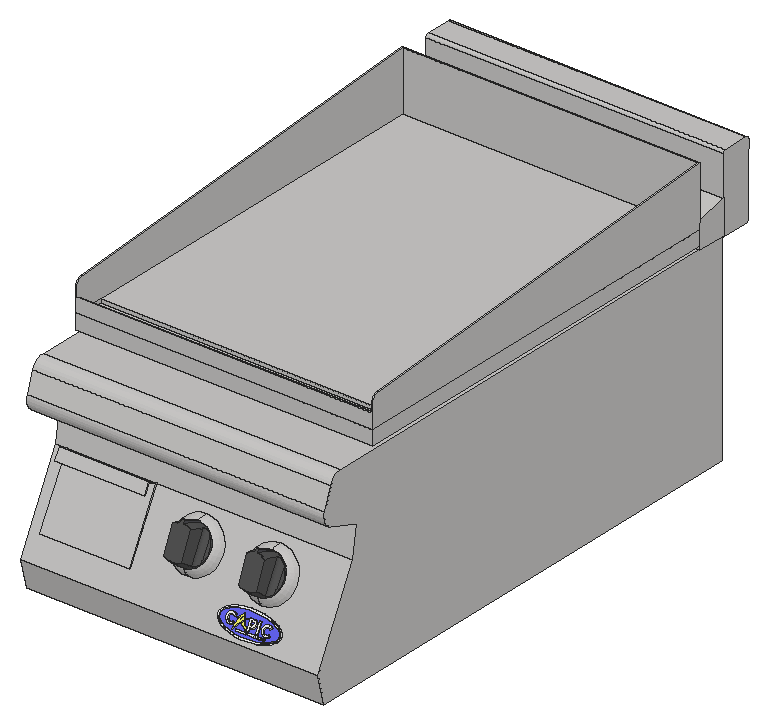
Revit family "QF_CAPIC_AVEN_W540916", category Equipement spécialisé, Revit 2018
Family settings
  Cote de connecteur circulaire = Utiliser le diamètre
  Type d'élément = Normal
  Numéro OmniClass = 23.40.40.14
  Titre OmniClass = Food Service Equipment
  Basée sur le plan de construction = Non
  Toujours verticalement = Oui
  Couper avec des vides une fois chargée = Non
  Partagée = Non
  Point de calcul de pièce = Non
Parameters (values of type "400 x 725 x 270 mm")
  rainures [instance] = if([rainurage X050973 (option)], 528 mm, 5 mm)  # 5 mm
  rainurage X050973 (option) [instance] = no
  URL catalogue = "http://www.capic-fr.com/fr/"
  Type de Raccord Plomberie [instance] = ""
  Type de Raccord Electrique [instance] = "Bornier interne"
  Type de Gaz = ""
  Type article [instance] = ""
  Tension = 400 V
  Spécification du Fabricant = ""
  Show Logo = yes
  Remarques evacuation [instance] = ""
  Remarques Plomberie [instance] = ""
  Remarques Electricité [instance] = "400Vx3 +T+N"
  Puissance électrique  = 5000 W
  Puissance Gaz kW = 0
  Profondeur hors tout = 725 mm
  Pression Maximum Eau Adoucie = 0.0 Pa
  Poids net à vide = 40.00 kg
  Phase = 0
  Modèle = "W540916"
  Longueur hors tout = 400 mm
  Intensité nominale = 0 A
  Hauteur hors tout = 390 mm
  Hauteur de Raccordement du Sol Finis = 703 mm
  Hauteur de Raccordement Gaz du Sol Finis = 0 mm
  Hauteur de Raccordement Evacuation Directe du Sol Finis = 0 mm
  Hauteur de Raccordement Eau Froide du Sol Finis = 0 mm
  Hauteur de Raccordement Eau Chaude du Sol Finis = 0 mm
  Hauteur de Raccordement Eau Adoucie du Sol Finis = 0 mm
  Fréquence = 50 Hz
  Fabricant = "CAPIC"
  Débit d'air d'extraction = 0.0 m³/h
  Débit Gaz = 0.0 L/s
  Débit Eau Froide = 0.0 L/s
  Débit Eau Chaude = 0.0 L/s
  Débit Eau Adoucie = 0.0 L/s
  Diamètre de Raccordement Gaz = 0 mm
  Diamètre de Raccordement Evacuation = 0 mm
  Diamètre de Raccordement Eau Froide = 0 mm
  Diamètre de Raccordement Eau Chaude = 0 mm
  Diamètre de Raccordement Eau Adoucie = 0 mm
  Description = "Grill inox"
  Assembly Code = ""
  Classification  Omniclass nombre et titre = "23.40.40.14"
Reference planes
  plane 1 "Centre (avant/arrière)": y = 0
  plane 2: z = 0
  plane 3 "Centre (gauche/droite)": x = 0
  plane 4: x = 400
  plane 5: y = -606.53
  plane 6: y = -611.53
Forms (mm)
  Extrusion 1, solid, material "QF_Stainless Steel-Brushed"
    sketch origin (0, -45.05, 638) x (0, 1, 0) y (0, 0, 1)
      loop
        line (1.05, 270.397) -> (-641.347, 270.397)
        arc (-641.347, 270.397) -> (-651.671, 267.142) -> (-658.261, 258.553) r 18
        line (-658.261, 258.553) -> (-667.837, 232.245)
        arc (-667.837, 232.245) -> (-667.236, 218.482) -> (-657.078, 209.174) r 18
        line (-657.078, 209.174) -> (-613.251, 193.222) -> (-619.754, 152.161) -> (-680.074, 38.717) -> (-668.972, 0) -> (0, 0) -> (0, 268.397) -> (42.05, 268.397) -> (44.05, 270.397) -> (44.05, 356.397) -> (45.05, 356.397) -> (45.05, 368.397)
        arc (45.05, 368.397) -> (43.878, 371.225) -> (41.05, 372.397) r 4
        line (41.05, 372.397) -> (7.05, 372.397)
        arc (7.05, 372.397) -> (4.222, 371.225) -> (3.05, 368.397) r 4
        line (3.05, 368.397) -> (3.05, 272.397)
        arc (3.05, 272.397) -> (2.464, 270.983) -> (1.05, 270.397) r 2
    from 0 to 400
  Extrusion 2, solid, material "QF_Stainless Steel-Brushed"
    sketch origin (0, 0, 0) x (0, 1, 0) y (0, 0, 1)
      loop
        line (-664.804, 790.161) -> (-678.048, 797.204) -> (-685.091, 783.959) -> (-684.208, 783.49) -> (-677.635, 795.851) -> (-666.157, 789.748) -> (-710.287, 706.751) -> (-709.404, 706.281) -> (-664.804, 790.161)
    from 15 to 135
  Extrusion 3, solid, material "QF_Stainless Steel-Brushed"
    sketch origin (0, 0, 0) x (0, 1, 0) y (0, 0, 1)
      loop
        line (-82, 933.397) -> (-632, 933.397) -> (-632, 913.397) -> (-82, 913.397) -> (-82, 933.397)
    from 0 to 400
  Extrusion 4, solid, material "QF_Stainless Steel-Brushed"
    sketch origin (0, 0, 0) x (0, 1, 0) y (0, 0, 1)
      loop
        line (-42, 953.397) -> (-79.728, 943.965)
        arc (-79.728, 943.965) -> (-81.365, 942.901) -> (-82, 941.055) r 3
        line (-82, 941.055) -> (-82, 908.397) -> (-42, 908.397) -> (-42, 953.397)
    from 0 to 400
  Extrusion 5, void
    sketch origin (0, 0, 0) x (1, 0, 0) y (0, 1, 0)
      loop
        line (1.5, -592) -> (1.5, -630.5) -> (398.5, -630.5) -> (398.5, -592) -> (1.5, -592)
    from 928.4 to 933.397
  Extrusion 6, solid, material "QF_Stainless Steel-Brushed"
    sketch origin (0, 0, 0) x (1, 0, 0) y (0, 1, 0)
      loop
        line (0, -82) -> (0, -632) -> (1.5, -632) -> (1.5, -83.5) -> (398.5, -83.5) -> (398.5, -632) -> (400, -632) -> (400, -82) -> (0, -82)
    from 933.397 to 1013.4
  Extrusion 7, void
    sketch origin (0, 0, 0) x (0, 1, 0) y (0, 0, 1)
      loop
        line (-83.5, 1013.4) -> (-632, 1013.4) -> (-632, 964.101)
        arc (-632, 964.101) -> (-629.324, 970.91) -> (-622.727, 974.075) r 10
        line (-622.727, 974.075) -> (-83.5, 1013.4)
    from 0 to 400
  Extrusion 8, solid, material "QF_Stainless Steel-Brushed"
    sketch origin (0, 0, 0) x (1, 0, 0) y (0, 1, 0)
      loop
        line (1.5, -630.5) -> (1.5, -632) -> (398.5, -632) -> (398.5, -630.5) -> (1.5, -630.5)
    from 933.397 to 953.4
  Extrusion 9, void
    sketch origin (0, 0, 0) x (1, 0, 0) y (0, 0, 1)
      loop
        circle (12.5, 933.397) r 4
      loop
        circle (25.5, 933.397) r 4
      loop
        circle (38.5, 933.397) r 4
      loop
        circle (51.5, 933.397) r 4
      loop
        circle (64.5, 933.397) r 4
      loop
        circle (77.5, 933.397) r 4
      loop
        circle (90.5, 933.397) r 4
      loop
        circle (103.5, 933.397) r 4
      loop
        circle (116.5, 933.397) r 4
      loop
        circle (129.5, 933.397) r 4
      loop
        circle (142.5, 933.397) r 4
      loop
        circle (155.5, 933.397) r 4
      loop
        circle (168.5, 933.397) r 4
      loop
        circle (181.5, 933.397) r 4
      loop
        circle (194.5, 933.397) r 4
      loop
        circle (207.5, 933.397) r 4
      loop
        circle (220.5, 933.397) r 4
      loop
        circle (233.5, 933.397) r 4
      loop
        circle (246.5, 933.397) r 4
      loop
        circle (259.5, 933.397) r 4
      loop
        circle (272.5, 933.397) r 4
      loop
        circle (285.5, 933.397) r 4
      loop
        circle (298.5, 933.397) r 4
      loop
        circle (311.5, 933.397) r 4
      loop
        circle (324.5, 933.397) r 4
      loop
        circle (337.5, 933.397) r 4
      loop
        circle (350.5, 933.397) r 4
      loop
        circle (363.5, 933.397) r 4
      loop
        circle (376.5, 933.397) r 4
      loop
        circle (389.5, 933.397) r 4
    from 606.53 to 611.53
Cuts and joins
  Extrusion 5, Extrusion 9 cuts Extrusion 3
  Extrusion 7 cuts Extrusion 6
  Extrusion 9 cuts Extrusion 8
  joined: Extrusion 6, Extrusion 8
Dimensions and locks
  "Longueur hors tout": plane 3 "Centre (gauche/droite)" to plane 4
  locked: plane 6 to plane 1 "Centre (avant/arrière)" at 611.53
  "rainures": plane 5 to plane 6
  aligned and locked: level to plane 2
  aligned and locked: plane 4 to Extrusion 1
  aligned and locked: Extrusion 1 to plane 3 "Centre (gauche/droite)"
  aligned and locked: Extrusion 3 to Extrusion 5
  aligned and locked: plane 5 to Extrusion 9
  aligned and locked: plane 6 to Extrusion 9
Automatic sketch dimensions
  Extrusion 1 sketch curve to plane 1 "Centre (avant/arrière)" = 0 mm
  Extrusion 1 sketch curve to Extrusion 1 sketch curve = 1 mm
  Extrusion 1 sketch curve to Extrusion 1 sketch curve = 2 mm  (x3)
  Extrusion 1 sketch curve to Extrusion 1 sketch curve = 4 mm  (x2)
  Extrusion 1 sketch curve to Extrusion 1 sketch curve = 34 mm
  Extrusion 1 sketch curve to Extrusion 1 sketch curve = 39 mm
  plane 1 "Centre (avant/arrière)" to Extrusion 1 sketch curve = 45.05 mm
  Extrusion 1 sketch curve to Extrusion 1 sketch curve = 613.251 mm
  Extrusion 1 sketch curve to Extrusion 1 sketch curve = 6.503 mm
  Extrusion 1 sketch curve to Extrusion 1 sketch curve = 28.096 mm
  Extrusion 1 sketch curve to Extrusion 1 sketch curve = 9.575 mm
  Extrusion 1 sketch curve to Extrusion 1 sketch curve = 6.156 mm  (x2)
  Extrusion 1 sketch curve to Extrusion 1 sketch curve = 16.914 mm  (x3)
  Extrusion 1 sketch curve to Extrusion 1 sketch curve = 49.218 mm
  Extrusion 1 sketch curve to Extrusion 1 sketch curve = 11.102 mm
  level to Extrusion 1 sketch curve = 638 mm
  Extrusion 1 sketch curve to Extrusion 1 sketch curve = 38.717 mm
  Extrusion 1 sketch curve to Extrusion 1 sketch curve = 113.445 mm
  Extrusion 1 sketch curve to Extrusion 1 sketch curve = 41.061 mm
  Extrusion 1 sketch curve to Extrusion 1 sketch curve = 15.952 mm
  Extrusion 1 sketch curve to Extrusion 1 sketch curve = 26.308 mm
  Extrusion 1 sketch curve to Extrusion 1 sketch curve = 86 mm
  Extrusion 1 sketch curve to Extrusion 1 sketch curve = 12 mm
  plane 1 "Centre (avant/arrière)" to Extrusion 2 sketch curve = 710.287 mm
  Extrusion 2 sketch curve to Extrusion 2 sketch curve = 0.883 mm  (x2)
  Extrusion 2 sketch curve to Extrusion 2 sketch curve = 25.196 mm
  Extrusion 2 sketch curve to Extrusion 2 sketch curve = 7.042 mm
  Extrusion 2 sketch curve to Extrusion 2 sketch curve = 0.413 mm
  Extrusion 2 sketch curve to Extrusion 2 sketch curve = 11.478 mm
  level to Extrusion 2 sketch curve = 706.281 mm
  Extrusion 2 sketch curve to Extrusion 2 sketch curve = 0.469 mm
  plane 1 "Centre (avant/arrière)" to Extrusion 3 sketch curve = 632 mm
  plane 1 "Centre (avant/arrière)" to Extrusion 3 sketch curve = 82 mm
  level to Extrusion 3 sketch curve = 913.397 mm
  Extrusion 3 sketch curve to Extrusion 3 sketch curve = 20 mm
  plane 1 "Centre (avant/arrière)" to Extrusion 4 sketch curve = 82 mm
  Extrusion 4 sketch curve to Extrusion 4 sketch curve = 2.272 mm
  Extrusion 4 sketch curve to Extrusion 4 sketch curve = 0.728 mm
  Extrusion 4 sketch curve to Extrusion 4 sketch curve = 40 mm
  level to Extrusion 4 sketch curve = 908.397 mm
  Extrusion 4 sketch curve to Extrusion 4 sketch curve = 32.658 mm
  Extrusion 4 sketch curve to Extrusion 4 sketch curve = 9.432 mm
  plane 3 "Centre (gauche/droite)" to Extrusion 5 sketch curve = 1.5 mm
  Extrusion 5 sketch curve to plane 4 = 1.5 mm
  plane 1 "Centre (avant/arrière)" to Extrusion 5 sketch curve = 630.5 mm
  Extrusion 5 sketch curve to Extrusion 5 sketch curve = 38.5 mm
  Extrusion 6 sketch curve to plane 3 "Centre (gauche/droite)" = 0 mm
  Extrusion 6 sketch curve to plane 4 = 0 mm
  plane 3 "Centre (gauche/droite)" to Extrusion 6 sketch curve = 1.5 mm
  Extrusion 6 sketch curve to plane 4 = 1.5 mm
  plane 1 "Centre (avant/arrière)" to Extrusion 6 sketch curve = 632 mm
  Extrusion 6 sketch curve to Extrusion 6 sketch curve = 0 mm
  plane 1 "Centre (avant/arrière)" to Extrusion 6 sketch curve = 83.5 mm
  Extrusion 6 sketch curve to Extrusion 6 sketch curve = 1.5 mm
  plane 1 "Centre (avant/arrière)" to Extrusion 7 sketch curve = 632 mm
  Extrusion 7 sketch curve to Extrusion 7 sketch curve = 9.273 mm
  Extrusion 7 sketch curve to Extrusion 7 sketch curve = 0.727 mm
  plane 1 "Centre (avant/arrière)" to Extrusion 7 sketch curve = 83.5 mm
  level to Extrusion 7 sketch curve = 964.101 mm
  Extrusion 7 sketch curve to Extrusion 7 sketch curve = 39.325 mm
  plane 3 "Centre (gauche/droite)" to Extrusion 8 sketch curve = 1.5 mm
  Extrusion 8 sketch curve to plane 4 = 1.5 mm
  plane 1 "Centre (avant/arrière)" to Extrusion 8 sketch curve = 632 mm
  Extrusion 8 sketch curve to Extrusion 8 sketch curve = 1.5 mm
  plane 3 "Centre (gauche/droite)" to Extrusion 9 sketch curve = 12.5 mm
  Extrusion 9 sketch curve to Extrusion 9 sketch curve = 13 mm  (x28)
  Extrusion 9 sketch curve to plane 4 = 10.5 mm
  level to Extrusion 9 sketch curve = 933.397 mm
  Extrusion 9 sketch curve to Extrusion 9 sketch curve = 0 mm  (x29)
  radius of Extrusion 9 sketch curve = 4 mm  (x30)
Nested families
  nested 1: "QF_Details_LogoCapic" at (300, -713.73, 698.145) x (1, 0, 0) z (0, -0.8829, 0.4695), visible <- "Show Logo", type "QF_Details_LogoCapic"
  nested 2: "QF_Details_BoutonCde_face" at (310, -685.811, 750.653) x (1, 0, 0) z (0, -0.8829, 0.4695), type "QF_Details_BoutonCde_face"
  nested 3: "QF_Details_BoutonCde_face" at (210, -685.811, 750.653) x (1, 0, 0) z (0, -0.8829, 0.4695), type "QF_Details_BoutonCde_face"
Definition of nested family "QF_Details_LogoCapic"
  Parameters (values of type "QF_Details_LogoCapic")
    Default Elevation = 1219.2 mm
  Reference planes
    plane 1 "Centre (avant/arrière)": y = 0
    plane 2: z = 0
    plane 3 "Centre (gauche/droite)": x = 0
  Forms (mm)
    Extrusion 1, solid
      sketch origin (0, 0, 0) x (1, 0, 0) y (0, 1, 0)
        loop
          line (-1219.2, 1219.2) -> (-1219.2, -1219.2) -> (1219.2, -1219.2) -> (1219.2, 1219.2) -> (-1219.2, 1219.2)
      from 0 to -304.8
    Extrusion 2, solid
      sketch origin (0, 0, 0) x (1, 0, 0) y (0, 1, 0)
        loop
          spline (42.486, 0) -> (41.038, 4.53) -> (36.793, 8.751) -> (30.041, 12.376) -> (21.24, 15.157) -> (10.992, 16.906) -> (-0.005, 17.502) -> (-11.003, 16.906) -> (-21.251, 15.157) -> (-30.051, 12.376) -> (-36.804, 8.751) -> (-41.048, 4.53) -> (-42.496, 0)
          spline (-42.496, 0) -> (-41.048, -4.53) -> (-36.804, -8.751) -> (-30.051, -12.376) -> (-21.251, -15.157) -> (-11.003, -16.906) -> (-0.005, -17.502) -> (10.992, -16.906) -> (21.24, -15.157) -> (30.041, -12.376) -> (36.793, -8.751) -> (41.038, -4.53) -> (42.486, 0)
        loop
          spline (40.459, 0) -> (39.08, 4.005) -> (35.038, 7.737) -> (28.607, 10.942) -> (20.227, 13.401) -> (10.468, 14.947) -> (-0.005, 15.474) -> (-10.478, 14.947) -> (-20.237, 13.401) -> (-28.618, 10.942) -> (-35.048, 7.737) -> (-39.091, 4.005) -> (-40.47, 0)
          spline (-40.47, 0) -> (-39.091, -4.005) -> (-35.048, -7.737) -> (-28.618, -10.942) -> (-20.237, -13.401) -> (-10.478, -14.947) -> (-0.005, -15.474) -> (10.468, -14.947) -> (20.227, -13.401) -> (28.607, -10.942) -> (35.038, -7.737) -> (39.08, -4.005) -> (40.459, 0)
      from 0 to 1
    Extrusion 3, solid
      sketch origin (0, 0, 0) x (1, 0, 0) y (0, 1, 0)
        loop
          spline (-40.47, 0) -> (-39.085, -4.012) -> (-35.047, -7.734) -> (-28.617, -10.941) -> (-20.237, -13.401) -> (-10.478, -14.946) -> (-0.005, -15.474) -> (10.468, -14.947) -> (20.227, -13.401) -> (28.606, -10.942) -> (35.038, -7.737) -> (39.081, -4.004) -> (40.459, 0)
          spline (40.459, 0) -> (39.075, 4.012) -> (35.037, 7.734) -> (28.607, 10.941) -> (20.227, 13.401) -> (10.467, 14.946) -> (-0.005, 15.474) -> (-10.478, 14.947) -> (-20.237, 13.401) -> (-28.617, 10.942) -> (-35.048, 7.737) -> (-39.091, 4.004) -> (-40.47, 0)
      from 0 to 1
    Extrusion 4, solid
      sketch origin (0, 0, 0.5) x (1, 0, 0) y (0, 1, 0)
        loop
          line (-20.944, 3.897) -> (-18.992, 5.849)
          arc (-18.992, 5.849) -> (-30.967, 0.712) -> (-18.902, -4.211) r 7.063
          line (-18.902, -4.211) -> (-20.854, -2.259)
          arc (-20.854, -2.259) -> (-28.207, 0.712) -> (-20.944, 3.897) r 4.303
      from 0 to 1
    Extrusion 5, solid
      sketch origin (0, 0, 0.5) x (1, 0, 0) y (0, 1, 0)
        loop
          line (-1.061, 7.837) -> (-1.061, -6.288) -> (1.738, -6.288) -> (1.738, -2.065) -> (4.782, -2.065)
          spline (4.782, -2.065) -> (5.836, -1.896) -> (6.819, -1.402) -> (7.663, -0.615) -> (8.311, 0.411) -> (8.718, 1.605) -> (8.856, 2.886) -> (8.718, 4.168) -> (8.311, 5.362) -> (7.663, 6.387) -> (6.819, 7.174) -> (5.836, 7.669) -> (4.782, 7.837)
          line (4.782, 7.837) -> (-1.061, 7.837)
        loop
          line (1.738, 5.077) -> (1.738, 0.775) -> (4.418, 0.775)
          spline (4.418, 0.775) -> (4.819, 0.848) -> (5.193, 1.063) -> (5.514, 1.405) -> (5.761, 1.85) -> (5.916, 2.369) -> (5.969, 2.926) -> (5.916, 3.483) -> (5.761, 4.002) -> (5.514, 4.447) -> (5.193, 4.789) -> (4.819, 5.004) -> (4.418, 5.077)
          line (4.418, 5.077) -> (1.738, 5.077)
      from 0 to 1
    Extrusion 6, solid
      sketch origin (0, 0, 0.5) x (1, 0, 0) y (0, 1, 0)
        loop
          line (11.122, 7.837) -> (11.122, -6.288) -> (14.009, -6.288) -> (14.009, 7.837) -> (11.122, 7.837)
      from 0 to 1
    Extrusion 7, solid
      sketch origin (47.835, 0, 0.5) x (1, 0, 0) y (0, 1, 0)
        loop
          line (-20.944, 3.897) -> (-18.992, 5.849)
          arc (-18.992, 5.849) -> (-30.967, 0.712) -> (-18.902, -4.211) r 7.063
          line (-18.902, -4.211) -> (-20.854, -2.259)
          arc (-20.854, -2.259) -> (-28.207, 0.712) -> (-20.944, 3.897) r 4.303
      from 0 to 1
    Extrusion 8, solid
      sketch origin (0, 0, 0.5) x (1, 0, 0) y (0, 1, 0)
        loop
          line (-14.086, -8.467) -> (-14.086, -10.703) -> (-0.382, -10.703) -> (-0.382, -8.467) -> (-14.086, -8.467)
        loop
          line (1.692, -7.694) -> (1.692, -10.703) -> (10.598, -10.703) -> (10.598, -7.694) -> (1.692, -7.694)
        loop
          circle (14.095, -9.117) r 1.311
        loop
          circle (18.365, -9.117) r 1.311
        loop
          circle (22.635, -9.117) r 1.311
      from 0 to 1
    Extrusion 9, solid
      sketch origin (0, 0, 0.5) x (1, 0, 0) y (0, 1, 0)
        loop
          arc (-10.078, 10.027) -> (-16.152, 0.742) -> (-18.987, -9.985) r 34.734
          arc (-18.987, -9.985) -> (-13.545, -2.96) -> (-7.054, 3.109) r 55.667
          line (-7.054, 3.109) -> (-10.078, 10.027)
        loop
          line (-10.891, 5.813) -> (-12.476, 3.068) -> (-9.306, 3.068) -> (-10.891, 5.813)
      from 0 to 1
    Extrusion 10, solid
      sketch origin (0, 0, 0.5) x (1, 0, 0) y (0, 1, 0)
        loop
          line (-17.978, 3.413) -> (-16.228, 2.092) -> (-14.209, 5.589) -> (-17.978, 3.413)
        loop
          line (-7.246, 5.196) -> (-6.474, 3.433) -> (-3.608, 5.838) -> (-7.246, 5.196)
        loop
          line (-10.905, -1.415) -> (-2.534, -6.652) -> (-6.862, 2.629) -> (-10.905, -1.415)
      from 0 to 1
  Dimensions and locks
    aligned and locked: plane 2 to Extrusion 1
    aligned and locked: level to Extrusion 1
Definition of nested family "QF_Details_BoutonCde_face"
  Parameters (values of type "QF_Details_BoutonCde_face")
    Default Elevation = 1219.2 mm
  Reference planes
    plane 1 "Centre (avant/arrière)": y = 0
    plane 2: z = 0
    plane 3 "Centre (gauche/droite)": x = 0
  Forms (mm)
    Extrusion 1, solid
      sketch origin (0, 0, 0) x (1, 0, 0) y (0, 1, 0)
        loop
          line (-1219.2, 1219.2) -> (-1219.2, -1219.2) -> (1219.2, -1219.2) -> (1219.2, 1219.2) -> (-1219.2, 1219.2)
      from 0 to -304.8
    Revolve 2, solid
      sketch origin (0, -424.122, 22.212) x (0, 0, -1) y (0, 1, 0)
        loop
          arc (5.871, 449.971) -> (-8.423, 448.326) -> (-22.417, 444.983) r 120.076
          line (-22.417, 444.983) -> (-22.417, 424.125) -> (5.871, 424.125) -> (5.871, 449.971)
        axis (5.871, 424.125) -> (-22.417, 424.125)
      angle from 0 to 360
    Extrusion 3, void
      sketch origin (0, -424.122, 22.212) x (1, 0, 0) y (0, 0, -1)
        loop
          line (-20.046, 5.019) -> (-26.533, 5.019) -> (-26.533, -26.12) -> (-11.799, -26.12) -> (-12.009, -22.113) -> (-13.084, -1.588)
          arc (-13.084, -1.588) -> (-15.247, 3.104) -> (-20.046, 5.019) r 6.971
      from 398.385 to 449.971
    Extrusion 4, void
      sketch origin (0, -424.122, 22.212) x (-1, 0, 0) y (0, 0, 1)
        loop
          arc (-20.046, -5.019) -> (-15.247, -3.104) -> (-13.084, 1.588) r 6.971
          line (-13.084, 1.588) -> (-12.009, 22.113) -> (-11.799, 26.12) -> (-26.533, 26.12) -> (-26.533, -5.019) -> (-20.046, -5.019)
      from 398.385 to 449.971
    Extrusion 5, solid
      sketch origin (0, -424.122, 22.212) x (1, 0, 0) y (0, 1, 0)
        loop
          line (-1.769, 450.075) -> (-1.769, 444.575) -> (1.769, 444.575) -> (1.769, 450.075) -> (-1.769, 450.075)
      from -5.871 to 22.417
    Revolve 6, solid
      sketch origin (0, -424.122, 22.212) x (0, 0, -1) y (0, 1, 0)
        loop
          arc (17.212, 458.76) -> (10.984, 455.085) -> (5.871, 449.971) r 28.739
          line (5.871, 449.971) -> (5.871, 424.122) -> (17.212, 424.122) -> (17.212, 458.76)
        axis (17.212, 424.122) -> (5.871, 424.122)
      angle from 0 to 360
    Extrusion 7, void
      sketch origin (0, -597.063, -962.31) x (0, 0.156434, -0.987688) y (0, 0.987688, 0.156434)
        loop
          line (-897.081, 772.866) -> (-914.868, 772.866) -> (-914.868, 714.91) -> (-901.134, 714.91) -> (-897.081, 772.866)
      from -22.625 to 23.018
  Cuts and joins
    Extrusion 3, Extrusion 4, Extrusion 7 cuts Revolve 2
    Extrusion 7 cuts Extrusion 5
    joined: Revolve 2, Extrusion 5
  Dimensions and locks
    aligned and locked: plane 2 to Extrusion 1
    aligned and locked: level to Extrusion 1
